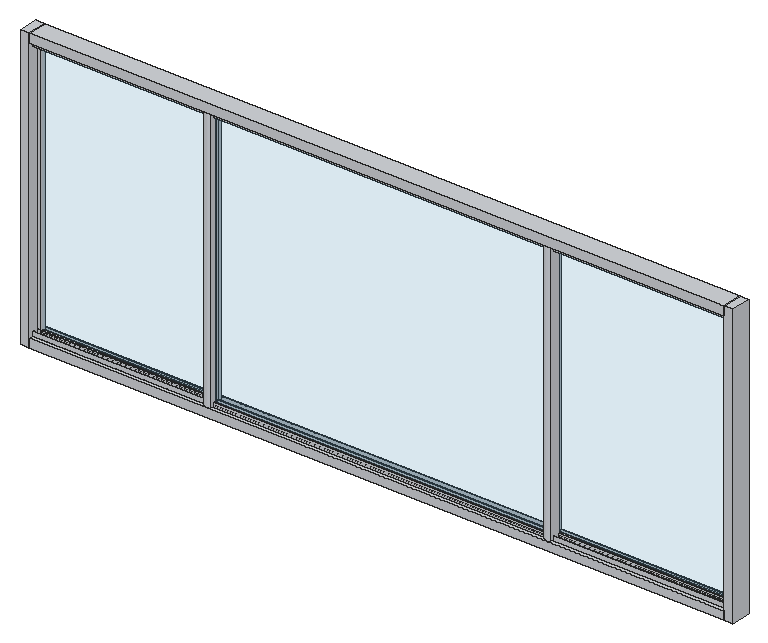
Revit family "View-Max® Commercial Sliding Window_SG&DG- XOX", category Windows, host Wall, Revit 2021 (continued)
Definition of nested family "panel 1 VM63 VM64"
  Dimensions and locks
    "Height": plane 8 to plane 2
    locked: plane 4 to plane 6 at 16.8
    locked: plane 7 to plane 13 at 16.813
    locked: plane 14 to level at 8.65
    locked: plane 10 to plane 14 at 11.176
    plane 8 to plane 15 to plane 9 = 8.6500 mm locked, 11.1764 mm locked
    aligned and locked: level to plane 2
    aligned and locked: Extrusion 1 sketch curve to plane 16
    aligned and locked: Extrusion 1 sketch curve to plane 17
    aligned and locked: Extrusion 1 sketch curve to plane 18
    aligned and locked: Extrusion 1 sketch curve to plane 19
    aligned and locked: Extrusion 1 sketch curve to Extrusion 1 sketch curve  (x2)
    aligned and locked: Extrusion 1 to plane 6
    aligned and locked: plane 7 to Extrusion 1
    aligned and locked: Extrusion 1 to plane 14
    aligned and locked: plane 15 to Extrusion 1
    aligned and locked: Extrusion 2 to level
    aligned and locked: plane 8 to Extrusion 2
    aligned and locked: plane 1 "Center (Front/Back)" to nested 1
    aligned and locked: plane 12 to nested 1
    aligned and locked: Masking region 1 sketch curve to nested 1  (x3)
    aligned and locked: Extrusion 2 sketch curve to Masking region 1  (x4)
    aligned and locked: plane 6 to Masking region 1 sketch curve
    aligned and locked: plane 1 "Center (Front/Back)" to nested 2
    aligned and locked: plane 5 to nested 2
    aligned and locked: nested 2 to Masking region 1 sketch curve
    aligned and locked: Masking region 1 sketch curve to nested 2
    aligned and locked: Extrusion 2 sketch curve to nested 2
    aligned and locked: nested 2 to Extrusion 2 sketch curve
    aligned and locked: Extrusion 2 sketch curve to plane 7
    aligned and locked: Masking region 1 sketch curve to plane 7
    aligned and locked: nested 3 to plane 8
    aligned and locked: nested 3 to plane 1 "Center (Front/Back)"
    aligned and locked: level to nested 4
    aligned and locked: plane 1 "Center (Front/Back)" to nested 4
    aligned and locked: Masking region 2 sketch curve to nested 3  (x14)
    aligned and locked: Extrusion 3 sketch curve to nested 3  (x14)
    aligned and locked: Masking region 2 sketch curve to nested 4  (x14)
    aligned and locked: Extrusion 3 sketch curve to nested 4  (x14)
    aligned and locked: Extrusion 3 to plane 6
    aligned and locked: plane 7 to Extrusion 3
  Automatic sketch dimensions
    Extrusion 1 sketch curve to plane 12 = 11.1120 mm
    Extrusion 1 sketch curve to Extrusion 1 sketch curve = 866.3869 mm
    Masking region 1 sketch curve to plane 4 = 0.0000 mm
    Masking region 1 sketch curve to plane 19 = 4.3954 mm
    plane 16 to Masking region 1 sketch curve = 4.5046 mm
    plane 16 to Extrusion 2 sketch curve = 4.5045 mm
    plane 16 to Masking region 1 sketch curve = 4.5045 mm
    Masking region 2 sketch curve to plane 9 = 0.0000 mm  (x2)
    Masking region 2 sketch curve to plane 19 = 4.4954 mm
    Masking region 2 sketch curve to plane 19 = 1.0000 mm  (x2)
    Masking region 2 sketch curve to plane 18 = 2.4254 mm
    plane 17 to Masking region 2 sketch curve = 2.3346 mm
    plane 16 to Masking region 2 sketch curve = 1.0000 mm  (x2)
    Masking region 2 sketch curve to Masking region 2 sketch curve = 3.4046 mm
    plane 15 to Masking region 2 sketch curve = 1.5800 mm  (x2)
    plane 15 to Masking region 2 sketch curve = 3.2330 mm  (x2)
    Masking region 2 sketch curve to plane 8 = 1.4000 mm
    Masking region 2 sketch curve to plane 16 = 1.0124 mm
    plane 19 to Masking region 2 sketch curve = 0.9216 mm
    Extrusion 3 sketch curve to plane 9 = 0.0000 mm  (x2)
    Extrusion 3 sketch curve to plane 19 = 4.4954 mm
    Extrusion 3 sketch curve to plane 19 = 1.0000 mm  (x2)
    Extrusion 3 sketch curve to plane 18 = 2.4254 mm
    plane 17 to Extrusion 3 sketch curve = 2.3346 mm
    plane 16 to Extrusion 3 sketch curve = 1.0000 mm  (x2)
    Extrusion 3 sketch curve to Extrusion 3 sketch curve = 3.4046 mm
    plane 15 to Extrusion 3 sketch curve = 1.5800 mm  (x2)
    plane 15 to Extrusion 3 sketch curve = 3.2330 mm  (x2)
    Extrusion 3 sketch curve to plane 8 = 1.4000 mm
    plane 19 to Extrusion 3 sketch curve = 0.9216 mm
    Extrusion 3 sketch curve to plane 16 = 1.0124 mm
    Masking region 2 sketch curve to plane 16 = 0.9216 mm
    Masking region 2 sketch curve to plane 14 = 3.2330 mm  (x2)
    plane 19 to Masking region 2 sketch curve = 1.0124 mm
    Masking region 2 sketch curve to plane 19 = 4.4046 mm
    Masking region 2 sketch curve to plane 10 = 0.0000 mm  (x2)
    Masking region 2 sketch curve to Masking region 2 sketch curve = 1.6530 mm  (x2)
    Masking region 2 sketch curve to Masking region 2 sketch curve = 3.4954 mm
    level to Masking region 2 sketch curve = 1.4000 mm
    Masking region 2 sketch curve to plane 14 = 1.5800 mm  (x2)
    Extrusion 3 sketch curve to plane 16 = 0.9216 mm
    plane 16 to Extrusion 3 sketch curve = 4.4954 mm
    Extrusion 3 sketch curve to plane 14 = 3.2330 mm  (x2)
    plane 19 to Extrusion 3 sketch curve = 1.0124 mm
    Extrusion 3 sketch curve to plane 19 = 4.4046 mm
    Extrusion 3 sketch curve to plane 10 = 0.0000 mm  (x2)
    Extrusion 3 sketch curve to Extrusion 3 sketch curve = 1.6530 mm
    plane 17 to Extrusion 3 sketch curve = 2.4254 mm
    level to Extrusion 3 sketch curve = 1.4000 mm
    Extrusion 3 sketch curve to plane 14 = 1.5800 mm  (x2)
  Nested families
    nested 1: "VM63" at (-433.2, 0, 0), type "VM63", detail levels fine
    nested 2: "VM64" at (422.073, 0, 0), type "VM64", detail levels fine
    nested 3: "VM62" at (0, 0, 1200) x (0, 1, 0) z (1, 0, 0), type "VM62", detail levels fine
    nested 4: "VM62" at (0, 0, 0) x (0, -1, 0) z (1, 0, 0), type "VM62", detail levels fine
  Definition of nested family "VM63"
    Reference planes
      plane 1 "Center (Front/Back)": y = 0
      plane 2: z = 0
      plane 3 "Center (Left/Right)": x = 0
      plane 4: x = -16.8
    Dimensions and locks
      aligned and locked: import instance to plane 1 "Center (Front/Back)"
      aligned and locked: import instance to plane 3 "Center (Left/Right)"
      aligned and locked: plane 4 to import instance
  Definition of nested family "VM64"
    Reference planes
      plane 1 "Center (Front/Back)": y = 0
      plane 2: z = 0
      plane 3 "Center (Left/Right)": x = 0
      plane 4: x = 27.927
      plane 5: x = 11.114
    Dimensions and locks
      aligned and locked: plane 1 "Center (Front/Back)" to import instance
      aligned and locked: plane 3 "Center (Left/Right)" to import instance
      aligned and locked: plane 4 to import instance
      aligned and locked: plane 5 to import instance
  Definition of nested family "VM62"
    Reference planes
      plane 1 "Center (Front/Back)": y = 0
      plane 2: z = 0
      plane 3 "Center (Left/Right)": x = 0
      plane 4: y = -8.65
      plane 5: y = -19.826
    Dimensions and locks
      aligned and locked: plane 3 "Center (Left/Right)" to import instance
      aligned and locked: import instance to plane 1 "Center (Front/Back)"
      aligned and locked: plane 4 to import instance
      aligned and locked: plane 5 to import instance
Definition of nested family "DETAIL_ARROW2"
  Reference planes
    plane 1 "Center (Front/Back)": y = 0
    plane 2: z = 0
    plane 3 "Center (Left/Right)": x = 0
    plane 4: y = 0
    plane 5: y = 140.838
    plane 6: x = 0
    plane 7: y = 140.838
    plane 8: x = 98.638
  Lines and regions (mm)
    detail lines, in view "Ref. Level"
      curve 1: line (-50.444, 6.6, 0) -> (15.556, 6.6, 0)
      curve 2: line (-50.444, -6.6, 0) -> (15.556, -6.6, 0)
      curve 3: line (-50.444, -6.6, 0) -> (-50.444, 6.6, 0)
      curve 4: line (15.556, 6.6, 0) -> (0, 22.156, 0)
      curve 5: line (15.556, -6.6, 0) -> (0, -22.156, 0)
      curve 6: line (40.824, 0, 0) -> (9.334, -31.49, 0)
      curve 7: line (40.824, 0, 0) -> (9.334, 31.49, 0)
      curve 8: line (0, 22.156, 0) -> (9.334, 31.49, 0)
      curve 9: line (0, -22.156, 0) -> (9.334, -31.49, 0)
    detail lines, in view "Ref. Level", not visible
      curve 10: line (48.194, 147.438, 0) -> (114.194, 147.438, 0)
      curve 11: line (48.194, 134.238, 0) -> (114.194, 134.238, 0)
      curve 12: line (48.194, 134.238, 0) -> (48.194, 147.438, 0)
      curve 13: line (114.194, 147.438, 0) -> (98.638, 162.994, 0)
      curve 14: line (114.194, 134.238, 0) -> (98.638, 118.681, 0)
      curve 15: line (139.462, 140.838, 0) -> (107.972, 109.347, 0)
      curve 16: line (139.462, 140.838, 0) -> (107.972, 172.328, 0)
      curve 17: line (98.638, 162.994, 0) -> (107.972, 172.328, 0)
      curve 18: line (98.638, 118.681, 0) -> (107.972, 109.347, 0)
      curve 19: line (48.194, 147.438, 0) -> (114.194, 147.438, 0)
      curve 20: line (48.194, 134.238, 0) -> (114.194, 134.238, 0)
      curve 21: line (48.194, 134.238, 0) -> (48.194, 147.438, 0)
      curve 22: line (114.194, 147.438, 0) -> (98.638, 162.994, 0)
      curve 23: line (114.194, 134.238, 0) -> (98.638, 118.681, 0)
      curve 24: line (139.462, 140.838, 0) -> (107.972, 109.347, 0)
      curve 25: line (139.462, 140.838, 0) -> (107.972, 172.328, 0)
      curve 26: line (98.638, 162.994, 0) -> (107.972, 172.328, 0)
      curve 27: line (98.638, 118.681, 0) -> (107.972, 109.347, 0)
  Dimensions and locks
    aligned and locked: plane 4 to plane 1 "Center (Front/Back)"
    aligned and locked: plane 3 "Center (Left/Right)" to plane 6
Definition of nested family "DETAIL_ARROW"
  Reference planes
    plane 1 "Center (Front/Back)": y = 0
    plane 2: z = 0
    plane 3 "Center (Left/Right)": x = 0
  Lines and regions (mm)
    detail lines, in view "Ref. Level"
      curve 1: line (-50, 10, 0) -> (50, 10, 0)
      curve 2: line (-50, -10, 0) -> (50, -10, 0)
      curve 3: line (-50, -10, 0) -> (-50, 10, 0)
      curve 4: line (50, 10, 0) -> (26.43, 33.57, 0)
      curve 5: line (50, -10, 0) -> (26.43, -33.57, 0)
      curve 6: line (88.284, 0, 0) -> (40.572, -47.712, 0)
      curve 7: line (88.284, 0, 0) -> (40.572, 47.712, 0)
      curve 8: line (26.43, 33.57, 0) -> (40.572, 47.712, 0)
      curve 9: line (26.43, -33.57, 0) -> (40.572, -47.712, 0)
Definition of nested family "Ext frame ME1 VM75"
  Reference planes
    plane 1 "Center (Front/Back)": y = 0
    plane 2: z = 0
    plane 3 "Center (Left/Right)": x = 0
    plane 4: x = 44.5
    plane 5: x = 48
    plane 6: y = 15.749
    plane 7: y = -15.753
  Dimensions and locks
    aligned and locked: plane 1 "Center (Front/Back)" to import instance
    aligned and locked: import instance to plane 3 "Center (Left/Right)"
    aligned and locked: plane 6 to import instance
    aligned and locked: plane 7 to import instance
    aligned and locked: plane 5 to import instance
    aligned and locked: plane 4 to import instance
Definition of nested family "Ext Head"
  Reference planes
    plane 1 "Center (Front/Back)": y = 0
    plane 2: z = 0
    plane 3 "Center (Left/Right)": x = 0
    plane 4: x = 31.502
    plane 5: y = -48.001
    plane 6: y = -68
  Dimensions and locks
    aligned and locked: import instance to plane 1 "Center (Front/Back)"
    aligned and locked: import instance to plane 3 "Center (Left/Right)"
    aligned and locked: plane 4 to import instance
    aligned and locked: plane 6 to import instance
    aligned and locked: plane 5 to import instance
Definition of nested family "Ext Sill"
  Reference planes
    plane 1 "Center (Front/Back)": y = 0
    plane 2: z = 0
    plane 3 "Center (Left/Right)": x = 0
    plane 4: x = 31.502
    plane 5: y = 67
    plane 6: y = 47.302
  Dimensions and locks
    aligned and locked: plane 1 "Center (Front/Back)" to import instance
    aligned and locked: import instance to plane 3 "Center (Left/Right)"
    aligned and locked: plane 4 to import instance
    aligned and locked: plane 6 to import instance
    aligned and locked: plane 5 to import instance
